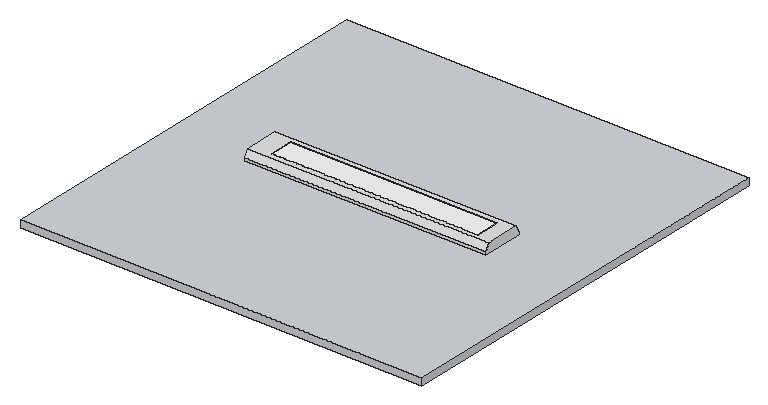
Revit family "Thorn DUROLIGHT", category Lighting Fixtures, host Face, Revit 2018
Family settings
  Host = Face
  Round Connector Dimension = Use Diameter
  Part Type = Normal
  OmniClass Number = 23.80.70.11
  OmniClass Title = Luminaries for Internal Lighting
  Cut with Voids When Loaded = No
  Light Source = Yes
  Shared = No
  Room Calculation Point = No
Parameters (values of type "DUROLIGHT-S 5200-840 HF L1650")
  Width = 290 mm  # constant formula
  Wattage Comments = ""
  Wattage = 35.0743 W
  built-in parameter 1150110 = 1 (stored number, unit not read)
  Voltage = 230 V
  URL = "www.thornlighting.com/96633062"
  Type Comments = "© Thorn. We reserve the right to make technical changes without prior notice."  # constant formula
  built-in parameter 1114217 = 1 (stored number, unit not read)
  Tilt Angle = -90.00°
  built-in parameter 1150109 = 1 (stored number, unit not read)
  built-in parameter 1150134 = 12
  built-in parameter 1150113 = 1 (stored number, unit not read)
  Photometric Web File = "96633062_(STD).IES"
  Model = "96633062"
  Manufacturer = "Thorn Lighting"  # constant formula
  built-in parameter 1150105 = 1856.3 (stored number, unit not read)
  Lumens = 5210 lm
  built-in parameter 1150115 = 1 (stored number, unit not read)
  built-in parameter 1150137 = (empty or 0)
  built-in parameter 1150139 = (empty or 0)
  Length = 1650 mm  # constant formula
  built-in parameter 1150112 = 1 (stored number, unit not read)
  built-in parameter 1150114 = 1 (stored number, unit not read)
  Lamp = "LED"
  built-in parameter 1150132 = 2
  built-in parameter 1150102 = (empty or 0)
  built-in parameter 1150107 = 4000 (stored number, unit not read)
  built-in parameter 1150138 = (empty or 0)
  built-in parameter 1150106 = 18.563 (stored number, unit not read)
  Height = 66 mm  # constant formula
  Emit from Rectangle Width = Length - 200 mm  # 1450 mm
  Emit from Rectangle Length = Width - 126 mm  # 164 mm
  Emit Shape Visible in Rendering = no
  built-in parameter 1150104 = 13.8 (stored number, unit not read)
  Dimming Lamp Color Temperature Shift = <None>
  Description = "Surface mount LED luminaire"  # constant formula
  Default Elevation = 0 mm
  Cover = Thorn_PMMA
  Color Filter = 16777215
  Body = Thorn_Metal_Light_Grey
  built-in parameter 1114218 = 1 (stored number, unit not read)
  built-in parameter 1150133 = 10 (stored number, unit not read)
  Assembly Code = "D5020200"
  Apparent Load = 47.7 VA
Reference planes
  plane 1 "Center (Front/Back)": y = 0
  plane 2 "Top": z = 0
  plane 3 "Center (Left/Right)": x = 399.5
  plane 4: y = 145
  plane 5 "Bottom": y = -145
  plane 6 "Left": x = -425.5
  plane 7 "Right": x = 1224.5
  plane 8 "Top Body": z = 66
  plane 9 "Bottom Body": z = -75
  plane 10: x = -325.5
  plane 11: x = 1124.5
  plane 12: y = 82
  plane 13: y = -82
Forms (mm)
  Extrusion 1, solid
    sketch origin (0, 0, 0) x (1, 0, 0) y (0, 1, 0)
      loop
        line (-1010.5, 1431.145) -> (-1010.5, -1431.145) -> (1809.5, -1431.145) -> (1809.5, 1431.145) -> (-1010.5, 1431.145)
    from 0 to -52.502
  Extrusion 2, solid, material "Thorn_Metal_Light_Grey" <- "Body"
    sketch origin (399.5, 0, 0) x (0, 0, -1) y (0, -1, 0)
      loop
        line (0, -145) -> (0, 145) -> (-20, 145) -> (-66, 118.442) -> (-66, -118.442) -> (-20, -145) -> (0, -145)
    from 725 to 860.288
  Extrusion 3, solid, material "Thorn_Metal_Light_Grey" <- "Body"
    sketch origin (399.5, 0, 0) x (0, 0, -1) y (0, -1, 0)
      loop
        line (0, -145) -> (0, 145) -> (-20, 145) -> (-66, 118.442) -> (-66, 82) -> (-46, 82) -> (-46, -82) -> (-66, -82) -> (-66, -118.442) -> (-20, -145) -> (0, -145)
    from -725 to 725
  Extrusion 4, solid, material "Thorn_Metal_Light_Grey" <- "Body"
    sketch origin (399.5, 0, 0) x (0, 0, -1) y (0, 1, 0)
      loop
        line (0, 145) -> (-20, 145) -> (-66, 118.442) -> (-66, -118.442) -> (-20, -145) -> (0, -145) -> (0, 145)
    from 725 to 825
  Extrusion 5, solid, material "Thorn_PMMA" <- "Cover"
    sketch origin (399.5, 0, 0) x (0, 0, -1) y (0, -1, 0)
      loop
        line (-66, -82) -> (-46, -82) -> (-46, 82) -> (-66, 82) -> (-66, -82)
    from -725 to 725
Cuts and joins
  joined: Extrusion 2, Extrusion 3, Extrusion 4
Dimensions and locks
  "Length": plane 6 "Left" to plane 7 "Right"
  equal spacing: plane 6 "Left", plane 3 "Center (Left/Right)", plane 7 "Right"
  equal spacing: plane 5 "Bottom", plane 1 "Center (Front/Back)", plane 4
  "Width": plane 5 "Bottom" to plane 4
  locked: plane 5 "Bottom" to plane 13 at 63
  locked: plane 4 to plane 12 at 63
  locked: plane 6 "Left" to plane 10 at 100
  locked: plane 11 to plane 7 "Right" at 100
  locked: plane 8 "Top Body" to plane 2 "Top" at 66
  aligned and locked: Extrusion 1 to plane 2 "Top"
  aligned and locked: plane 8 "Top Body" to imposter light
  aligned and locked: plane 10 to Extrusion 2
  aligned and locked: Extrusion 3 to plane 10
  aligned and locked: Extrusion 3 to plane 11
  aligned and locked: plane 11 to Extrusion 4
  aligned and locked: Extrusion 4 to plane 7 "Right"
Automatic sketch dimensions
  Extrusion 1 sketch curve to Extrusion 1 sketch curve = 2820 mm
  Extrusion 1 sketch curve to Extrusion 1 sketch curve = 2862.29 mm
  Extrusion 2 sketch curve to plane 4 = 0 mm
  Extrusion 2 sketch curve to plane 5 "Bottom" = 0 mm
  Extrusion 2 sketch curve to level = 0 mm
  Extrusion 2 sketch curve to Extrusion 2 sketch curve = 20 mm
  level to Extrusion 2 sketch curve = 20 mm
  Extrusion 2 sketch curve to plane 5 "Bottom" = 26.558 mm
  Extrusion 2 sketch curve to Extrusion 2 sketch curve = 46 mm
  Extrusion 2 sketch curve to plane 4 = 26.558 mm
  Extrusion 3 sketch curve to plane 13 = 0 mm
  Extrusion 3 sketch curve to plane 12 = 0 mm
  Extrusion 3 sketch curve to plane 4 = 0 mm
  Extrusion 3 sketch curve to plane 5 "Bottom" = 0 mm
  Extrusion 3 sketch curve to level = 0 mm
  level to Extrusion 3 sketch curve = 20 mm
  Extrusion 3 sketch curve to Extrusion 3 sketch curve = 20 mm  (x3)
  level to Extrusion 3 sketch curve = 46 mm
  Extrusion 3 sketch curve to plane 4 = 26.558 mm
  Extrusion 3 sketch curve to plane 5 "Bottom" = 26.558 mm
  Extrusion 4 sketch curve to plane 4 = 0 mm
  Extrusion 4 sketch curve to plane 5 "Bottom" = 0 mm
  Extrusion 4 sketch curve to level = 0 mm
  Extrusion 4 sketch curve to Extrusion 4 sketch curve = 20 mm
  level to Extrusion 4 sketch curve = 20 mm
  Extrusion 4 sketch curve to plane 5 "Bottom" = 26.558 mm
  Extrusion 4 sketch curve to Extrusion 4 sketch curve = 46 mm
  Extrusion 4 sketch curve to plane 4 = 26.558 mm
  level to Extrusion 5 sketch curve = 46 mm
  Extrusion 5 sketch curve to plane 12 = 0 mm
  Extrusion 5 sketch curve to plane 13 = 0 mm
  Extrusion 5 sketch curve to Extrusion 5 sketch curve = 20 mm
Connectors
  electrical at (381.856, 0, 0), driven by "Voltage", driven by "Apparent Load"
    settings: on cut or joined group of Extrusion 2, Extrusion 3, Extrusion 4, index 1, voltage 230 V, apparent load 47.7 VA, apparent load phase1 0 VA, apparent load phase2 0 VA, apparent load phase3 0 VA, power factor 1, load classification "Lighting", number of poles 1, system type 30, power factor state 1, is connector primary yes, connector utility no, sub classification motor no, connector description "Power"
